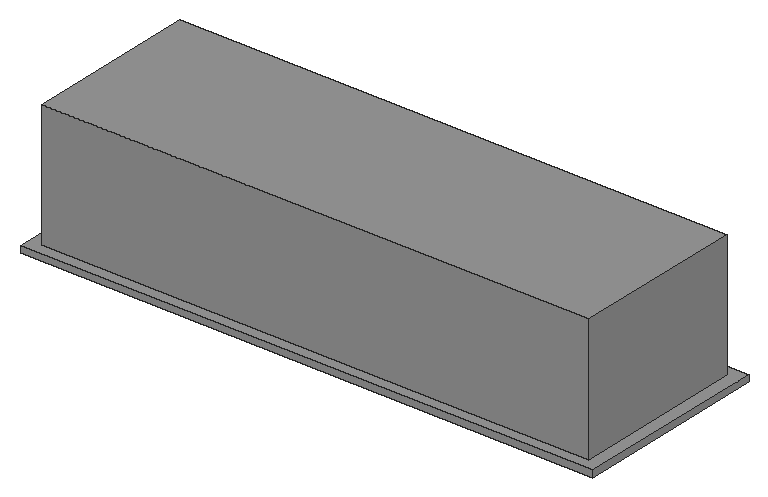
Revit family "Parex_SpecialityEquipment_Sofia_Rangehood", category Specialty Equipment, Revit 2023
Family settings
  Round Connector Dimension = Use Diameter
  Part Type = Normal
  Work Plane-Based = No
  Enable Cutting in Views = Yes
  Always vertical = Yes
  Cut with Voids When Loaded = Yes
  Maintain Annotation Orientation = No
  Shared = No
  Room Calculation Point = No
Parameters (values of type "900mm")
  Width = 863 mm
  WarrantyDescription = "5-Year in-home warranty on hood, 10-Year in-home warranty on motor"
  URL = "https://amorehomes.co.nz/"
  Type IFC Predefined Type = "NOTDEFINED"
  Specifications = "Quiet operation with external motor\r\nExpel smoke, grease, smells & steam outside\r\nEasy control with soft touch eye level controls\r\nGreat control with 5-speed levels\r\n15-Minute delay timer with auto shut-off\r\nTwin LED lights gives you great stove top lighting\r\nSturdy hood made of 1mm 430 stainless steel\r\nStainless steel dishwasher safe filters\r\nRemote control for optimum convenience\r\nDimensions: 863mm wide x 294mm deep\r\nIncludes 5m ducting"
  Not 750mm = yes
  MountType = "Undermount"
  Model = "Sofia 900mm Undermound Rangehood"
  Material = Parex_Metal_430 Stainless Steel
  Manufacturer = "Amore Homes"  # constant formula
  InnerTopWidth = 400 mm
  InnerHeight = 200 mm
  InnerDepth = 260 mm
  InnerBaseWidth = 824.4 mm
  HoodThickness = 10 mm
  Height = 200 mm
  GrillOffset = 79.04 mm
  FilterMaterial = Parex_Metal_Filter
  Export Type to IFC As = "IfcElectricApplianceType"
  Description = "The Sofia 900mm wide undermount rangehood is ideal for up to a 900mm wide cooktop an integrates seamlessly into your kitchen cabinetry and can be paired with a motor that suits your cooking needs."
  Depth = 294 mm
  Default Elevation = Height  # 200 mm
  Calc_RearFrameWidth = 90 mm
  Calc_FrameOffset = 10.326 mm
  750mm = no
Types (3, lengths in mm): name | Width | Specifications | Not 750mm | Model | InnerHeight | InnerDepth | InnerBaseWidth | Height | Description | Depth | Default Elevation | 750mm
  600mm | 602.2 | "Quiet operation with external motor\r\nExpel smoke, grease, smells & steam outside\r\nEasy control with soft touch eye level controls\r\nGreat control with 5-speed levels\r\n15-Minute delay timer with auto shut-off\r\nTwin LED lights gives you great stove top lighting\r\nSturdy hood made of 1mm 430 stainless steel\r\nStainless steel dishwasher safe filters\r\nRemote control for optimum convenience\r\nDimensions: 602mm wide x 294mm deep\r\nIncludes 5m ducting" | yes | "Sofia 600mm Undermound Rangehood" | 200 | 260 | 564.2 | 200 | "The Sofia 600mm wide undermount rangehood is ideal for up to a 600mm wide cooktop an integrates seamlessly into your kitchen cabinetry and can be paired with a motor that suits your cooking needs." | 294 | 200 | no
  750mm | 750 | "Quiet operation with external motor\r\nExpel smoke, grease, smells & steam outside\r\nEasy control with soft touch eye level controls\r\nGreat control with 5-speed levels\r\n15-Minute delay timer with auto shut-off\r\nTwin LED lights gives you great stove top lighting\r\nSturdy hood made of 1mm 430 stainless steel\r\nStainless steel dishwasher safe filters\r\nRemote control for optimum convenience\r\nDimensions: 700mm wide x 294mm deep\r\nIncludes 5m ducting" | no | "Sofia 750mm Undermound Rangehood" | 360 | 315 | 710 | 1000 | "The Sofia 750mm wide undermount rangehood is ideal for up to a 750mm wide cooktop an integrates seamlessly into your kitchen cabinetry and can be paired with a motor that suits your cooking needs." | 360 | 1000 | yes
  900mm | 863 | "Quiet operation with external motor\r\nExpel smoke, grease, smells & steam outside\r\nEasy control with soft touch eye level controls\r\nGreat control with 5-speed levels\r\n15-Minute delay timer with auto shut-off\r\nTwin LED lights gives you great stove top lighting\r\nSturdy hood made of 1mm 430 stainless steel\r\nStainless steel dishwasher safe filters\r\nRemote control for optimum convenience\r\nDimensions: 863mm wide x 294mm deep\r\nIncludes 5m ducting" | yes | "Sofia 900mm Undermound Rangehood" | 200 | 260 | 824.4 | 200 | "The Sofia 900mm wide undermount rangehood is ideal for up to a 900mm wide cooktop an integrates seamlessly into your kitchen cabinetry and can be paired with a motor that suits your cooking needs." | 294 | 200 | no
Reference planes
  plane 1 "Center (Front/Back)": y = 0
  plane 2: z = 0
  plane 3 "Center (Left/Right)": x = 0
  plane 4 "HoodBase": z = 862.038
  plane 5 "Left": x = -431.5
  plane 6 "Right": x = 431.5
  plane 7 "Front": y = -294
  plane 8 "HoodTop": z = 872.038
  plane 9 "ChimneyTop": z = 1062.038
  plane 10 "InnerTopLeft": x = -200
  plane 11 "InnerTopRight": x = 200
  plane 12 "InnerLeft": x = -412.2
  plane 13 "InnerRight": x = 412.2
  plane 14 "InnerHeightMid": z = 972.038
  plane 15 "InnerFront": y = -277
  plane 16 "InnerRear": y = -17
  plane 17: y = -147
  plane 18: x = -407.2
  plane 19: x = 407.2
  plane 20: y = -272
  plane 21: x = -333.16
  plane 22: x = 333.16
Forms (mm)
  Extrusion 1, solid, material "Parex_Metal_430 Stainless Steel" <- "Material"
    sketch origin (0, 0, 0) x (1, 0, 0) y (0, 1, 0)
      loop
        line (-431.5, -294) -> (431.5, -294) -> (431.5, 0) -> (-431.5, 0) -> (-431.5, -294)
    from 862.038 to 872.038
  Extrusion 2, solid, material "Parex_Metal_430 Stainless Steel" <- "Material", visible <- "750mm"
    sketch origin (0, 0, 0) x (1, 0, 0) y (0, 0, 1)
      loop
        line (-412.2, 972.038) -> (-412.2, 872.038) -> (412.2, 872.038) -> (412.2, 972.038) -> (200, 1062.038) -> (-200, 1062.038) -> (-412.2, 972.038)
    from 17 to 277
  Extrusion 3, solid, material "Parex_Metal_430 Stainless Steel" <- "Material", visible <- "Not 750mm"
    sketch origin (0, 0, 0) x (1, 0, 0) y (0, 0, 1)
      loop
        line (-412.2, 872.038) -> (412.2, 872.038) -> (412.2, 1062.038) -> (-412.2, 1062.038) -> (-412.2, 872.038)
    from 17 to 277
  Extrusion 4, void
    sketch origin (0, 0, 0) x (0, 1, 0) y (0, 0, 1)
      loop
        line (-272, 862.038) -> (-17, 862.038) -> (-17, 872.038) -> (-272, 972.038) -> (-272, 862.038)
    from -407.2 to 407.2
Cuts and joins
  Extrusion 4 cuts Extrusion 3
  Extrusion 4 cuts Extrusion 2
  Extrusion 4 cuts Extrusion 1
Dimensions and locks
  equal spacing: plane 5 "Left", plane 3 "Center (Left/Right)", plane 6 "Right"
  "Width": plane 5 "Left" to plane 6 "Right"
  "Depth": plane 7 "Front" to plane 1 "Center (Front/Back)"
  "HoodThickness": plane 4 "HoodBase" to plane 8 "HoodTop"
  equal spacing: plane 11 "InnerTopRight", plane 3 "Center (Left/Right)", plane 10 "InnerTopLeft"
  "InnerTopWidth": plane 11 "InnerTopRight" to plane 10 "InnerTopLeft"
  equal spacing: plane 12 "InnerLeft", plane 3 "Center (Left/Right)", plane 13 "InnerRight"  (x2)
  "InnerBaseWidth": plane 12 "InnerLeft" to plane 13 "InnerRight"
  "InnerHeight": plane 9 "ChimneyTop" to plane 4 "HoodBase"
  equal spacing: plane 1 "Center (Front/Back)", plane 17, plane 7 "Front"
  equal spacing: plane 16 "InnerRear", plane 17, plane 15 "InnerFront"
  "InnerDepth": plane 16 "InnerRear" to plane 15 "InnerFront"
  equal spacing: plane 10 "InnerTopLeft", plane 3 "Center (Left/Right)", plane 11 "InnerTopRight"
  locked: plane 12 "InnerLeft" to plane 18 at 5
  locked: plane 19 to plane 13 "InnerRight" at 5
  locked: plane 20 to plane 15 "InnerFront" at 5
  "GrillOffset": plane 12 "InnerLeft" to plane 21
  "GrillOffset": plane 13 "InnerRight" to plane 22
  aligned and locked: level to plane 2
  aligned and locked: Extrusion 1 sketch curve to plane 7 "Front"
  aligned and locked: Extrusion 1 sketch curve to plane 5 "Left"
  aligned and locked: Extrusion 1 sketch curve to plane 1 "Center (Front/Back)"
  aligned and locked: Extrusion 1 sketch curve to plane 6 "Right"
  aligned and locked: plane 8 "HoodTop" to Extrusion 1
  aligned and locked: Extrusion 1 to plane 4 "HoodBase"
  aligned and locked: plane 12 "InnerLeft" to Extrusion 2 sketch curve
  aligned and locked: plane 14 "InnerHeightMid" to Extrusion 2 sketch curve  (x2)
  aligned and locked: plane 10 "InnerTopLeft" to Extrusion 2 sketch curve
  aligned and locked: plane 9 "ChimneyTop" to Extrusion 2 sketch curve
  aligned and locked: plane 11 "InnerTopRight" to Extrusion 2 sketch curve
  aligned and locked: plane 13 "InnerRight" to Extrusion 2 sketch curve
  aligned and locked: Extrusion 2 sketch curve to plane 12 "InnerLeft"
  aligned and locked: Extrusion 2 sketch curve to plane 9 "ChimneyTop"
  aligned and locked: Extrusion 2 sketch curve to plane 13 "InnerRight"
  aligned and locked: Extrusion 2 sketch curve to plane 8 "HoodTop"
  aligned and locked: Extrusion 2 to plane 15 "InnerFront"
  aligned and locked: Extrusion 2 to plane 16 "InnerRear"
  aligned and locked: Extrusion 3 sketch curve to plane 9 "ChimneyTop"
  aligned and locked: Extrusion 3 sketch curve to plane 12 "InnerLeft"
  aligned and locked: Extrusion 3 sketch curve to plane 8 "HoodTop"
  aligned and locked: Extrusion 3 sketch curve to plane 13 "InnerRight"
  aligned and locked: Extrusion 3 to plane 16 "InnerRear"
  aligned and locked: Extrusion 3 to plane 15 "InnerFront"
  aligned and locked: Extrusion 4 to plane 19
  aligned and locked: Extrusion 4 to plane 18
  aligned and locked: plane 20 to Extrusion 4 sketch curve
  aligned and locked: plane 14 "InnerHeightMid" to Extrusion 4 sketch curve
  aligned and locked: Extrusion 4 sketch curve to plane 20
  aligned and locked: plane 4 "HoodBase" to Extrusion 4 sketch curve
  aligned and locked: plane 16 "InnerRear" to Extrusion 4 sketch curve
  aligned and locked: plane 3 "Center (Left/Right)" to nested 2
  aligned and locked: plane 21 to nested 2
  aligned and locked: plane 3 "Center (Left/Right)" to nested 1
  aligned and locked: nested 1 to plane 22
Automatic sketch dimensions
  Extrusion 4 sketch curve to plane 8 "HoodTop" = 0 mm
Nested families
  nested 1: "Parex_Generic_Filter_FaceBased" at (333.16, -256.346, 965.899) x (-1, 0, 0) z (0, -0.3651, -0.931), type "Parex_Generic_Filter_FaceBased"
    with Width 333.16 mm, Depth 256.792 mm
  nested 2: "Parex_Generic_Filter_FaceBased" at (-333.16, -256.346, 965.899) x (1, 0, 0) z (0, -0.3651, -0.931), type "Parex_Generic_Filter_FaceBased"
    with Width 333.16 mm, Depth 257.092 mm
Definition of nested family "Parex_Generic_Filter_FaceBased"
  Parameters (values of type "Parex_Generic_Filter_FaceBased")
    Width [instance] = 600 mm
    Depth [instance] = 640 mm
    Default Elevation = 1219.2 mm
  Reference planes
    plane 1 "Center (Front/Back)": y = 0
    plane 2: z = 0
    plane 3 "Center (Left/Right)": x = 0
    plane 4: x = 600
    plane 5: y = 640
  Forms (mm)
    Extrusion 1, solid
      sketch origin (0, 0, 0) x (1, 0, 0) y (0, 1, 0)
        loop
          line (-1219.2, 1219.2) -> (-1219.2, -1219.2) -> (1219.2, -1219.2) -> (1219.2, 1219.2) -> (-1219.2, 1219.2)
      from 0 to -304.8
  Dimensions and locks
    "Width": plane 3 "Center (Left/Right)" to plane 4
    "Depth": plane 1 "Center (Front/Back)" to plane 5
    aligned and locked: plane 2 to Extrusion 1
    aligned and locked: level to Extrusion 1
    aligned and locked: nested 1 to plane 3 "Center (Left/Right)"
    aligned and locked: nested 1 to plane 1 "Center (Front/Back)"
  Automatic sketch dimensions
    Extrusion 1 sketch curve to Extrusion 1 sketch curve = 2438.4 mm  (x2)
  Nested families
    nested 1: "Parex_Generic_Filter" at (300, 0, 0) x (-1, 0, 0) z (0, 0, 1), Depth <- "Depth", Width <- "Width", type "Parex_Generic_Filter"
      with Width 600 mm, Depth 640 mm
  Definition of nested family "Parex_Generic_Filter"
    Parameters (values of type "Parex_Generic_Filter")
      Width [instance] = 300 mm
      HandleWidth = 60 mm
      HandleDepth = 50 mm
      GrillMaterial = none
      FrameWidth = 5 mm
      FrameMaterial = none
      Depth [instance] = 600 mm
      Default Elevation = 0 mm
    Reference planes
      plane 1 "Center (Front/Back)": y = 0
      plane 2: z = 0
      plane 3 "Center (Left/Right)": x = 0
      plane 4: x = -150
      plane 5: x = 150
      plane 6: y = 600
      plane 7: x = -145
      plane 8: y = 5
      plane 9: x = 145
      plane 10: y = 595
      plane 11: x = -30
      plane 12: y = 55
      plane 13: x = 30
      plane 14: y = 43
      plane 15: x = 10
      plane 16: y = 18
      plane 17: x = -10
      plane 18: z = 2.557
      plane 19: z = 1.225
    Forms (mm)
      Extrusion 1, solid, material <- "FrameMaterial", detail levels fine
        sketch origin (0, 0, 0) x (1, 0, 0) y (0, 1, 0)
          loop
            line (-150, 0) -> (150, 0) -> (150, 600) -> (-150, 600) -> (-150, 0)
          loop
            line (-145, 5) -> (-30, 5) -> (-30, 55) -> (30, 55) -> (30, 5) -> (145, 5) -> (145, 595) -> (-145, 595) -> (-145, 5)
        from 2.557 to 0
      Extrusion 2, solid, material <- "FrameMaterial", detail levels fine
        sketch origin (0, 0, 0) x (1, 0, 0) y (0, 1, 0)
          loop
            line (-145, 5) -> (-30, 5) -> (-30, 55) -> (30, 55) -> (30, 5) -> (145, 5) -> (145, 595) -> (-145, 595) -> (-145, 5)
        from 1.225 to 0
      Extrusion 3, solid, material <- "GrillMaterial", detail levels fine
        sketch origin (0, 0, 0) x (1, 0, 0) y (0, 1, 0)
          loop
            line (-145, 5) -> (-30, 5) -> (-30, 55) -> (30, 55) -> (30, 5) -> (145, 5) -> (145, 595) -> (-145, 595) -> (-145, 5)
        from 2.557 to 1.225
    Lines and regions (mm)
      model lines
        curve 1: line (150, 0, 0) -> (-150, 0, 0)
        curve 2: line (-150, 0, 0) -> (-150, 600, 0)
        curve 3: line (150, 0, 0) -> (150, 600, 0)
        curve 4: line (-150, 600, 0) -> (150, 600, 0)
        curve 5: line (145, 595, 0) -> (-145, 595, 0)
        curve 6: line (145, 5, 0) -> (145, 595, 0)
        curve 7: line (-145, 5, 0) -> (-145, 595, 0)
        curve 8: line (-145, 5, 0) -> (145, 5, 0)
        curve 9: line (-30, 5, 0) -> (-30, 55, 0)
        curve 10: line (30, 55, 0) -> (30, 5, 0)
        curve 11: line (-30, 55, 0) -> (30, 55, 0)
        curve 12: line (-10, 18, 0) -> (-10, 43, 0)
        curve 13: line (10, 43, 0) -> (10, 18, 0)
        curve 14: line (-10, 43, 0) -> (10, 43, 0)
        curve 15: line (10, 18, 0) -> (-10, 18, 0)
    Dimensions and locks
      equal spacing: plane 4, plane 3 "Center (Left/Right)", plane 5
      "Width": plane 4 to plane 5
      "Depth": plane 1 "Center (Front/Back)" to plane 6
      "FrameWidth": plane 1 "Center (Front/Back)" to plane 8
      "FrameWidth": plane 10 to plane 6
      "FrameWidth": plane 4 to plane 7
      "FrameWidth": plane 9 to plane 5
      equal spacing: plane 11, plane 3 "Center (Left/Right)", plane 13
      "HandleWidth": plane 11 to plane 13
      "HandleDepth": plane 12 to plane 8
      locked: plane 16 to plane 14 at 25
      equal spacing: plane 17, plane 3 "Center (Left/Right)", plane 15
      plane 17 to plane 15 = 20 mm
      locked: plane 12 to plane 14 at 12
      aligned and locked: level to plane 2
      aligned and locked: curve 1 to plane 1 "Center (Front/Back)"
      aligned and locked: curve 2 to plane 4
      aligned and locked: curve 3 to plane 5
      aligned and locked: curve 4 to plane 6
      aligned and locked: curve 5 to plane 10
      aligned and locked: curve 6 to plane 9
      aligned and locked: curve 7 to plane 7
      aligned and locked: curve 8 to plane 8
      aligned and locked: curve 9 to plane 11
      aligned and locked: curve 10 to plane 13
      aligned and locked: curve 11 to plane 12
      aligned and locked: curve 12 to plane 17
      aligned and locked: plane 15 to curve 13
      aligned and locked: curve 14 to plane 14
      aligned and locked: curve 15 to plane 16
      aligned and locked: plane 8 to curve 9
      aligned and locked: Extrusion 1 sketch curve to plane 4
      aligned and locked: Extrusion 1 sketch curve to plane 7
      aligned and locked: Extrusion 1 sketch curve to plane 9
      aligned and locked: Extrusion 1 sketch curve to plane 5
      aligned and locked: Extrusion 1 sketch curve to plane 1 "Center (Front/Back)"
      aligned and locked: Extrusion 1 sketch curve to plane 8
      aligned and locked: Extrusion 1 sketch curve to plane 13
      aligned and locked: Extrusion 1 sketch curve to plane 11
      aligned and locked: Extrusion 1 sketch curve to plane 12
      aligned and locked: Extrusion 1 sketch curve to plane 6
      aligned and locked: Extrusion 1 sketch curve to plane 10
      aligned and locked: Extrusion 2 sketch curve to plane 7
      aligned and locked: Extrusion 2 sketch curve to plane 8
      aligned and locked: Extrusion 2 sketch curve to plane 11
      aligned and locked: Extrusion 2 sketch curve to plane 13
      aligned and locked: Extrusion 2 sketch curve to plane 12
      aligned and locked: Extrusion 2 sketch curve to plane 9
      aligned and locked: Extrusion 2 sketch curve to plane 10
      aligned and locked: Extrusion 1 to plane 18
      aligned and locked: plane 2 to Extrusion 1
      aligned and locked: plane 2 to Extrusion 2
      aligned and locked: plane 19 to Extrusion 2
      aligned and locked: Extrusion 3 sketch curve to plane 8  (x2)
      aligned and locked: Extrusion 3 sketch curve to plane 13
      aligned and locked: Extrusion 3 sketch curve to plane 12
      aligned and locked: Extrusion 3 sketch curve to plane 11
      aligned and locked: Extrusion 3 sketch curve to plane 7
      aligned and locked: Extrusion 3 sketch curve to plane 9
      aligned and locked: Extrusion 3 sketch curve to plane 10
      aligned and locked: Extrusion 3 to plane 19
      aligned and locked: plane 18 to Extrusion 3
    Automatic sketch dimensions
      Extrusion 1 sketch curve to plane 8 = 0 mm
      Extrusion 2 sketch curve to plane 8 = 0 mm
